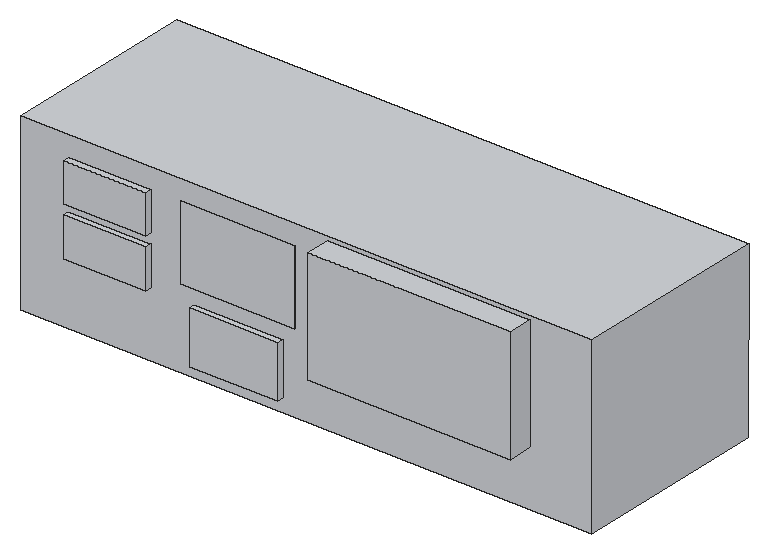
Revit family "ElectronicsBenchTopDouble", category Furniture, Revit 2025
Family settings
  OmniClass Number = 23.40.20.00
  OmniClass Title = General Furniture and Specialties
  Work Plane-Based = No
  Enable Cutting in Views = No
  Always vertical = Yes
  Cut with Voids When Loaded = No
  Render Appearance Source = Family Geometry
  Shared = No
  Room Calculation Point = No
Parameters
  Default Elevation = 0 mm
Reference planes
  plane 1 "Center (Front/Back)": y = 0
  plane 2: z = 9.556
  plane 3 "Center (Left/Right)": x = 0
  plane 4: x = 1750
  plane 5: x = 150
  plane 6: x = 400
  plane 7: x = 492
  plane 8: x = 535
  plane 9: x = 805
  plane 10: x = 842
  plane 11: x = 942
  plane 12: x = 1562
  plane 13: y = 0
  plane 14: z = 539.556
  plane 15: y = -80
  plane 16: y = -20
Forms (mm)
  Extrusion 1, solid
    sketch origin (829.616, 250, 140.444) x (1, 0, 0) y (0, 0, 1)
      loop
        line (-829.616, -130.888) -> (920.384, -130.888) -> (920.384, 399.112) -> (-829.616, 399.112) -> (-829.616, -130.888)
    from -350 to 250
  Extrusion 2, solid
    sketch origin (-0.384, 250, -0.444) x (1, 0, 0) y (0, 0, 1)
      loop
        line (942, 530) -> (942, 180) -> (1562, 180) -> (1562, 530) -> (942, 530)
    from 250 to 325.379
  Extrusion 3, solid
    sketch origin (-0.384, 250, -0.444) x (1, 0, 0) y (0, 0, 1)
      loop
        line (842, 480) -> (492, 480) -> (492, 253) -> (842, 253) -> (842, 480)
    from 150 to 250
  Extrusion 4, solid
    sketch origin (-0.384, 250, -0.444) x (1, 0, 0) y (0, 0, 1)
      loop
        line (535, 210) -> (535, 50) -> (805, 50) -> (805, 210) -> (535, 210)
    from -35.942 to 270
  Extrusion 5, solid
    sketch origin (-0.384, 250, -0.444) x (1, 0, 0) y (0, 0, 1)
      loop
        line (150, 480) -> (150, 360) -> (400, 360) -> (400, 480) -> (150, 480)
      loop
        line (150, 330) -> (150, 210) -> (400, 210) -> (400, 330) -> (150, 330)
    from 0 to 270
Dimensions and locks
  plane 3 "Center (Left/Right)" to Extrusion 1 = 1750 mm
  plane 15 to Extrusion 2 = 4.621 mm
  aligned and locked: level to plane 2
